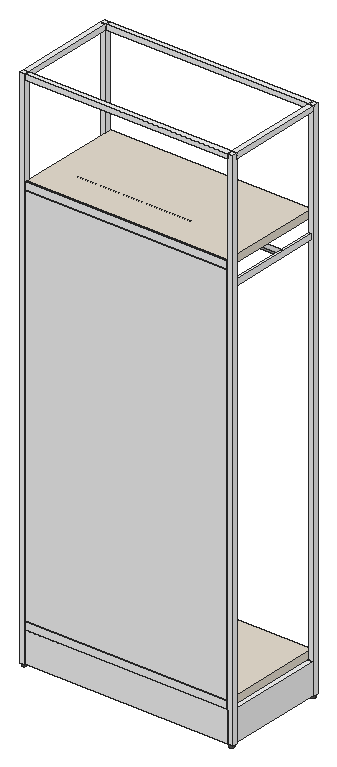
Revit family "okamura_ML1EHE_ライブス シェルフ_コートハンガーユニット_木棚板_900W×450D×2236H", category 家具, Revit 2017
Family settings
  OmniClass 番号 = 23.40.20.00
  OmniClass タイトル = General Furniture and Specialties
  作業面に基づく = いいえ
  常に垂直 = はい
  ロード時にボイドで切り取り = いいえ
  共有 = いいえ
  部屋計算ポイント = いいえ
Parameters (values of type "MU03（プライズウッドライト/ネオホワイト）")
  製造元 = "株式会社オカムラ"
  製品名称 [instance] = "ライブス シェルフ"  # constant formula
  製品仕様 [instance] = "コートハンガーユニット ハイタイプ 木棚板"  # constant formula
  製品コード/色仕様 = "ML1EHE"  # constant formula
  製品コード [instance] = "ML1EHE"  # constant formula
  製品カテゴリ = "クリエイティブファニチュア"  # constant formula
  色仕様名称 [instance] = "プライズウッドライト/ネオホワイト"
  色仕様コード [instance] = "MU03"
  支柱 = okm_ZA75
  天板 = okm_MX61
  導入日 [instance] = ""
  区分 = "シェルフ"  # constant formula
  共通仕様 = ""
  備考 = ""
  シリアルNo [instance] = ""
  キーノート = "12490"
  アセンブリ コード = "E2020200"
  W = 900.0 mm
  URL = "http://www.okamura.co.jp/"
  Product_URL = ""
  ID [instance] = ""
  H = 2236.0 mm
  D = 450.0 mm
  Copyright [instance] = "©2020.04 okamura Corp."  # constant formula
Types (15, lengths in mm): name | 色仕様名称 | 色仕様コード | 支柱 | 天板
  (no name) | "プライズウッドライト/ネオホワイト" | "MU03" | okm_ZA75 | okm_MX61
  MDY7（プライズウッドライト/ブラック） | "プライズウッドライト/ブラック" | "MDY7" | okm_Z25 | okm_MX61
  MDY8（プライズウッドミディアム/ブラック） | "プライズウッドミディアム/ブラック" | "MDY8" | okm_Z25 | okm_MX62
  MDY9（プライズウッドダーク/ブラック） | "プライズウッドダーク/ブラック" | "MDY9" | okm_Z25 | okm_MX63
  MU03（プライズウッドライト/ネオホワイト） | "プライズウッドライト/ネオホワイト" | "MU03" | okm_ZA75 | okm_MX61
  MU04（プライズウッドミディアム/ネオホワイト） | "プライズウッドミディアム/ネオホワイト" | "MU04" | okm_ZA75 | okm_MX62
  MU05（プライズウッドダーク/ネオホワイト） | "プライズウッドダーク/ネオホワイト" | "MU05" | okm_ZA75 | okm_MX63
  MGM4（ビンテージエルム/ネオホワイト） | "ビンテージエルム/ネオホワイト" | "MGM4" | okm_ZA75 | okm_MEP4
  MGM1（チョークドエルム/ネオホワイト） | "チョークドエルム/ネオホワイト" | "MGM1" | okm_ZA75 | okm_MEP1
  MGM2（ソーンオーク/ネオホワイト） | "ソーンオーク/ネオホワイト" | "MGM2" | okm_ZA75 | okm_MEP2
  MGM3（ラスティックパイン/ネオホワイト） | "ラスティックパイン/ネオホワイト" | "MGM3" | okm_ZA75 | okm_MEP3
  MGL4（ビンテージエルム/ブラック） | "ビンテージエルム/ブラック" | "MGL4" | okm_Z25 | okm_MEP4
  MGL1（チョークドエルム/ブラック） | "チョークドエルム/ブラック" | "MGL1" | okm_Z25 | okm_MEP1
  MGL2（ソーンオーク/ブラック） | "ソーンオーク/ブラック" | "MGL2" | okm_Z25 | okm_MEP2
  MGL3（ラスティックパイン/ブラック） | "ラスティックパイン/ブラック" | "MGL3" | okm_Z25 | okm_MEP3
Reference planes
  plane 1 "中心(正面/背面)": y = -100
  plane 2: z = 0
  plane 3 "中心(左/右)": x = -150
  plane 4 "左": x = -600
  plane 5 "右": x = 300
  plane 6 "背面": y = 125
  plane 7 "正面": y = -325
  plane 8 "上": z = 2236
  plane 9: z = 2215
Forms (mm)
  Extrusion 1, solid, material "okm_ZA75" <- "支柱"
    sketch origin (0, 1.25, 0) x (1, 0, 0) y (0, 1, 0)
      loop
        line (276.5, -302.75) -> (276.5, -323.75) -> (297.5, -323.75) -> (297.5, -302.75) -> (276.5, -302.75)
      loop
        line (276.5, 123.75) -> (276.5, 102.75) -> (297.5, 102.75) -> (297.5, 123.75) -> (276.5, 123.75)
      loop
        line (-576.5, -302.75) -> (-597.5, -302.75) -> (-597.5, -323.75) -> (-576.5, -323.75) -> (-576.5, -302.75)
      loop
        line (-576.5, 123.75) -> (-597.5, 123.75) -> (-597.5, 102.75) -> (-576.5, 102.75) -> (-576.5, 123.75)
    from 10 to 2236
  Extrusion 2, solid, material "okm_MX61" <- "天板"
    sketch origin (0, 1.25, -189.472) x (1, 0, 0) y (0, 1, 0)
      loop
        line (-574.5, 123.75) -> (-574.5, -318.75) -> (274.5, -318.75) -> (274.5, 123.75) -> (-574.5, 123.75)
    from 329.472 to 359.472
  Extrusion 3, solid, material "okm_ZA75" <- "支柱"
    sketch origin (0, 1.25, 0) x (1, 0, 0) y (0, 1, 0)
      loop
        line (-597.5, 102.75) -> (-597.5, -302.75) -> (-576.5, -302.75) -> (-576.5, 102.75) -> (-597.5, 102.75)
      loop
        line (297.5, 102.75) -> (276.5, 102.75) -> (276.5, -302.75) -> (297.5, -302.75) -> (297.5, 102.75)
    from 2236 to 2215
  Extrusion 4, solid, material "okm_ZA75" <- "支柱"
    sketch origin (0, 1.25, 460) x (0, -1, 0) y (1, 0, 0)
      loop
        line (-102.75, -574.5) -> (-102.75, -595.5) -> (302.75, -595.5) -> (302.75, -574.5) -> (-102.75, -574.5)
      loop
        line (-102.75, 295.5) -> (-102.75, 274.5) -> (302.75, 274.5) -> (302.75, 295.5) -> (-102.75, 295.5)
    from -320 to -450
  Extrusion 5, solid, material "okm_ZA75" <- "支柱"
    sketch origin (-200, -198.75, 460) x (-1, 0, 0) y (0, -1, 0)
      loop
        line (376.5, -300.75) -> (-476.5, -300.75) -> (-476.5, -321.75) -> (376.5, -321.75) -> (376.5, -300.75)
      loop
        line (376.5, 121.75) -> (-476.5, 121.75) -> (-476.5, 100.75) -> (376.5, 100.75) -> (376.5, 121.75)
    from -320 to -450
  Extrusion 6, solid, material "okm_G155"
    sketch origin (0, 1.25, 0) x (1, 0, 0) y (0, 1, 0)
      loop
        circle (-587, 113.25) r 10
      loop
        circle (-587, -313.25) r 10
      loop
        circle (287, 113.25) r 10
      loop
        circle (287, -313.25) r 10
    from 0 to 10
  Extrusion 7, solid, material "okm_ZA75" <- "支柱"
    sketch origin (-100, 101.25, 0) x (0, 1, 0) y (-1, 0, 0)
      loop
        line (-402.75, -376.5) -> (-402.75, 476.5) -> (-423.75, 476.5) -> (-423.75, -376.5) -> (-402.75, -376.5)
      loop
        line (23.75, -376.5) -> (23.75, 476.5) -> (2.75, 476.5) -> (2.75, -376.5) -> (23.75, -376.5)
    from 2236 to 2215
  Extrusion 8, solid, material "okm_MX61" <- "天板"
    sketch origin (0, 1.25, 2431.451) x (1, 0, 0) y (0, 1, 0)
      loop
        line (-574.5, 123.75) -> (-574.5, -318.75) -> (274.5, -318.75) -> (274.5, 123.75) -> (-574.5, 123.75)
    from -631.451 to -601.451
  Extrusion 9, solid, material "okm_ZA75" <- "支柱"
    sketch origin (0, -100, 0) x (1, 0, 0) y (0, 0, 1)
      loop
        line (-584.5, 1749.3) -> (-584.5, 1724.3) -> (-576.5, 1724.3) -> (-576.5, 1749.3) -> (-584.5, 1749.3)
      loop
        line (276.5, 1749.3) -> (276.5, 1724.3) -> (284.5, 1724.3) -> (284.5, 1749.3) -> (276.5, 1749.3)
    from -204 to 201.5
  Extrusion 10, solid, material "okm_FX4"
    sketch origin (-150, 50, 0) x (0, 1, 0) y (0, 0, 1)
      loop
        circle (-91, 1736.8) r 11
    from -426.5 to 426.5
  Extrusion 11, solid, material "okm_ZA75" <- "支柱"
    sketch origin (-150, 0, 0) x (0, 1, 0) y (0, 0, 1)
      loop
        line (-322.5, 1796) -> (-322.5, 174) -> (-301.5, 174) -> (-301.5, 1796) -> (-322.5, 1796)
      loop
        line (-322.5, 1830) -> (-322.5, 1800) -> (-317.5, 1800) -> (-317.5, 1830) -> (-322.5, 1830)
      loop
        line (-317.5, 170) -> (-322.5, 170) -> (-322.5, 140) -> (-317.5, 140) -> (-317.5, 170)
    from -424.5 to 424.5
Lines and regions (mm)
  Masking region 1
    outline origin (0, 0, 0) x (1, 0, 0) y (0, 1, 0)
      loop
        line (-600, 125) -> (-600, -325) -> (300, -325) -> (300, 125) -> (-600, 125)
  symbolic lines, style "okm_簡略", detail levels coarse
    curve 1: line (300, 125, 0) -> (-600, 125, 0)
    curve 2: line (-600, -325, 0) -> (300, -325, 0)
    curve 3: line (-600, 125, 0) -> (-600, -325, 0)
    curve 7: line (300, 125, 0) -> (300, -325, 0)
    curve 13: line (300, 104, 0) -> (-600, 104, 0)
    curve 14: line (-600, -304, 0) -> (300, -304, 0)
    curve 15: line (-579, 125, 0) -> (-579, -325, 0)
    curve 16: line (279, -325, 0) -> (279, 125, 0)
    curve 17: line (-579, -80, 0) -> (279, -80, 0)
    curve 18: line (279, -102, 0) -> (-579, -102, 0)
  symbolic lines, style "okm_標準・詳細", detail levels medium+fine
    curve 4: line (-600, 125, 0) -> (300, 125, 0)
    curve 5: line (-600, -325, 0) -> (-600, 125, 0)
    curve 6: line (300, -325, 0) -> (-600, -325, 0)
    curve 8: line (300, -325, 0) -> (300, 125, 0)
    curve 9: line (300, 104, 0) -> (-600, 104, 0)
    curve 10: line (-579, 125, 0) -> (-579, -325, 0)
    curve 11: line (-600, -304, 0) -> (300, -304, 0)
    curve 12: line (279, -325, 0) -> (279, 125, 0)
    curve 19: line (279, -80, 0) -> (-579, -80, 0)
    curve 20: line (-579, -102, 0) -> (279, -102, 0)
Dimensions and locks
  equal spacing: plane 4 "左", plane 3 "中心(左/右)", plane 5 "右"
  "W": plane 4 "左" to plane 5 "右"
  equal spacing: plane 7 "正面", plane 1 "中心(正面/背面)", plane 6 "背面"
  "D": plane 7 "正面" to plane 6 "背面"
  "H": plane 8 "上" to level
  locked: plane 8 "上" to plane 9 at 21
  aligned and locked: level to plane 2
  aligned and locked: Extrusion 7 to Extrusion 1  (x4)
  aligned and locked: Extrusion 9 to Extrusion 1  (x2)
  aligned and locked: Extrusion 10 to Extrusion 1  (x2)
  aligned and locked: Extrusion 2 to plane 6 "背面"
Automatic sketch dimensions
  Masking region 1 sketch curve to plane 4 "左" = 0.0 mm
  Masking region 1 sketch curve to plane 5 "右" = 0.0 mm
  plane 7 "正面" to Masking region 1 sketch curve = 0.0 mm
  plane 6 "背面" to Masking region 1 sketch curve = 0.0 mm
  plane 6 "背面" to Extrusion 1 sketch curve = 0.0 mm  (x2)
  plane 4 "左" to Extrusion 1 sketch curve = 2.5 mm  (x2)
  Extrusion 1 sketch curve to Extrusion 1 sketch curve = 21.0 mm  (x4)
  Extrusion 1 sketch curve to plane 7 "正面" = 2.5 mm  (x2)
  Extrusion 1 sketch curve to plane 5 "右" = 23.5 mm  (x2)
  Extrusion 1 sketch curve to plane 5 "右" = 2.5 mm  (x2)
  plane 6 "背面" to Extrusion 1 sketch curve = 21.0 mm  (x2)
  plane 6 "背面" to Extrusion 2 sketch curve = 0.0 mm
  Extrusion 2 sketch curve to plane 7 "正面" = 7.5 mm
  plane 4 "左" to Extrusion 2 sketch curve = 25.5 mm
  Extrusion 2 sketch curve to plane 5 "右" = 25.5 mm
  plane 4 "左" to Extrusion 3 sketch curve = 2.5 mm
  Extrusion 3 sketch curve to Extrusion 3 sketch curve = 21.0 mm
  Extrusion 3 sketch curve to plane 5 "右" = 23.5 mm
  Extrusion 3 sketch curve to plane 5 "右" = 2.5 mm
  Extrusion 3 sketch curve to plane 7 "正面" = 23.5 mm  (x2)
  plane 6 "背面" to Extrusion 3 sketch curve = 21.0 mm  (x2)
  plane 6 "背面" to Extrusion 4 sketch curve = 21.0 mm  (x2)
  Extrusion 4 sketch curve to plane 7 "正面" = 23.5 mm  (x2)
  Extrusion 4 sketch curve to plane 5 "右" = 4.5 mm
  Extrusion 4 sketch curve to Extrusion 4 sketch curve = 21.0 mm
  plane 4 "左" to Extrusion 4 sketch curve = 25.5 mm
  plane 4 "左" to Extrusion 4 sketch curve = 4.5 mm
  Extrusion 5 sketch curve to plane 5 "右" = 23.5 mm  (x2)
  plane 4 "左" to Extrusion 5 sketch curve = 23.5 mm  (x2)
  plane 6 "背面" to Extrusion 5 sketch curve = 2.0 mm
  Extrusion 5 sketch curve to Extrusion 5 sketch curve = 21.0 mm
  Extrusion 5 sketch curve to plane 7 "正面" = 25.5 mm
  Extrusion 5 sketch curve to plane 7 "正面" = 4.5 mm
  plane 4 "左" to Extrusion 6 sketch curve = 13.0 mm  (x2)
  Extrusion 6 sketch curve to plane 5 "右" = 13.0 mm  (x2)
  Extrusion 6 sketch curve to plane 7 "正面" = 13.0 mm  (x2)
  plane 6 "背面" to Extrusion 6 sketch curve = 10.5 mm  (x2)
  plane 6 "背面" to Extrusion 7 sketch curve = 0.0 mm
  Extrusion 7 sketch curve to plane 6 "背面" = 21.0 mm
  plane 7 "正面" to Extrusion 7 sketch curve = 23.5 mm
  plane 7 "正面" to Extrusion 7 sketch curve = 2.5 mm
  Extrusion 7 sketch curve to plane 4 "左" = 23.5 mm  (x2)
  plane 5 "右" to Extrusion 7 sketch curve = 23.5 mm  (x2)
  plane 6 "背面" to Extrusion 8 sketch curve = 0.0 mm
  Extrusion 8 sketch curve to plane 7 "正面" = 7.5 mm
  plane 4 "左" to Extrusion 8 sketch curve = 25.5 mm
  Extrusion 8 sketch curve to plane 5 "右" = 25.5 mm
  plane 4 "左" to Extrusion 9 sketch curve = 15.5 mm
  Extrusion 9 sketch curve to Extrusion 9 sketch curve = 8.0 mm  (x2)
  Extrusion 9 sketch curve to plane 5 "右" = 23.5 mm
  Extrusion 9 sketch curve to plane 9 = 490.7 mm  (x2)
  Extrusion 9 sketch curve to Extrusion 9 sketch curve = 25.0 mm  (x2)
  Extrusion 10 sketch curve to plane 1 "中心(正面/背面)" = 59.0 mm
  Extrusion 10 sketch curve to plane 9 = 478.2 mm
  Extrusion 11 sketch curve to plane 7 "正面" = 2.5 mm  (x3)
  Extrusion 11 sketch curve to Extrusion 11 sketch curve = 5.0 mm  (x2)
  Extrusion 11 sketch curve to Extrusion 11 sketch curve = 16.0 mm
  level to Extrusion 11 sketch curve = 140.0 mm
  Extrusion 11 sketch curve to Extrusion 11 sketch curve = 30.0 mm  (x2)
  Extrusion 11 sketch curve to Extrusion 11 sketch curve = 4.0 mm  (x2)
  Extrusion 11 sketch curve to plane 9 = 419.0 mm
  curve 11 to plane 4 "左" = 0.0 mm
  plane 6 "背面" to curve 15 = 0.0 mm
  plane 7 "正面" to curve 15 = 0.0 mm
  curve 14 to plane 5 "右" = 0.0 mm
  plane 1 "中心(正面/背面)" to curve 20 = 2.0 mm
  plane 4 "左" to curve 20 = 21.0 mm
  plane 4 "左" to curve 15 = 21.0 mm
  curve 16 to plane 5 "右" = 21.0 mm
  curve 12 to curve 16 = 0.0 mm
  curve 11 to plane 7 "正面" = 21.0 mm
  curve 14 to curve 11 = 0.0 mm
  curve 18 to curve 20 = 0.0 mm
  curve 19 to plane 1 "中心(正面/背面)" = 20.0 mm
  curve 17 to curve 19 = 0.0 mm
  curve 13 to curve 1 = 21.0 mm
  curve 9 to curve 13 = 0.0 mm
  radius of Extrusion 6 sketch curve = 10.0 mm  (x4)
  radius of Extrusion 10 sketch curve = 11.0 mm
